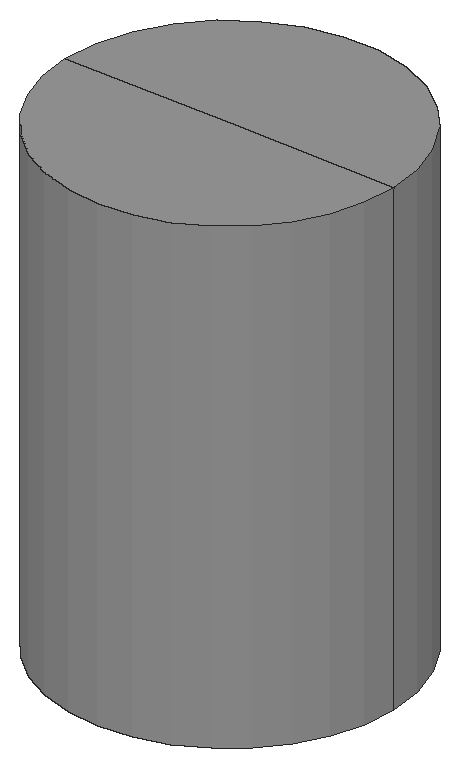
Revit family "NOK2_63_UN_Surface-mounted_ETK", category Lighting Fixtures, Revit 2019
Family settings
  Round Connector Dimension = Use Diameter
  Part Type = Normal
  OmniClass Number = 23.80.70.11.14.11
  OmniClass Title = Downlights
  Work Plane-Based = No
  Always vertical = Yes
  Cut with Voids When Loaded = Yes
  Light Source = Yes
  Shared = No
  Room Calculation Point = Yes
Parameters (values of type "NOK.2 LED 38W 4000K 30 5300Lm CRI>80 zwart DALI 130x185")
  Wattage Comments = "38"
  Wattage = 3.36605 W
  built-in parameter 1150110 = 1 (stored number, unit not read)
  Voltage = 230 V
  URL = "https://www.ivlibrary.com/"
  Type Comments = "NOK.2 Delta"
  built-in parameter 1114217 = 1 (stored number, unit not read)
  Tilt Angle = 90.00°
  built-in parameter 1150109 = 1 (stored number, unit not read)
  built-in parameter 1150134 = 3
  built-in parameter 1150113 = 1 (stored number, unit not read)
  Luminous Flux (lm) = 4247.43 lm
  ISBN Code = "-"
  IP Value = "IP20"
  IK Value = "-"
  GTIN Code = "-"
  ETIM Code = "-"
  Calc_Radius = D1 / 2  # 65 mm
  Photometric Web File = "NOK.2403.31_LDT.ies"
  Symbol_ToScale [instance] = no
  Symbol_RealSize [instance] = not(Symbol_ToScale)  # yes
  Switch Code [instance] = ""
  built-in parameter 1150142 = "IESNA91\r\n[MANUFAC]  www.etk.nl\r\n[LUMCAT] NOK.2403.31\r\n[LUMINAIRE] NOK.2 LED 38W 4000K 305300Lm CRI>80 zwart DALI ý130x185\r\n[LAMP] LED\r\n[_CHANGED] file converted from LDT by IES Viewer 3.6 (C) Andrey Legotin\r\nTILT=NONE\r\n1 4247.43 4.24743 19 1 1 2 0 -0.1 0.001\r\n1 1 38\r\n0 5 10 15 20 25 30 35 40 45 50 55 60 65 70 75 80 85 90 \r\n0 \r\n2600.71357 2428.6732 1971.57596 1362.05561 792.86541 427.7008 338.27426 \r\n294.82781 62.53141 13.30656 8.20679 4.57043 3.46021 2.77502 2.68255 1.95875 \r\n1.93506 0.83179 0.59519 \r"
  Model = "NOK.2"
  Manufacturer = "ETK B.V."
  built-in parameter 1150105 = 39.789 (stored number, unit not read)
  Lumens = 4247.43 lm
  built-in parameter 1150115 = 1 (stored number, unit not read)
  Luminaire Code [instance] = ""
  built-in parameter 1150137 = (empty or 0)
  built-in parameter 1150139 = (empty or 0)
  L1 = 185 mm
  built-in parameter 1150112 = 1 (stored number, unit not read)
  built-in parameter 1150114 = 1 (stored number, unit not read)
  Lamp = "LED"
  built-in parameter 1150132 = 2
  built-in parameter 1150102 = (empty or 0)
  built-in parameter 1150107 = 3200 (stored number, unit not read)
  built-in parameter 1150138 = (empty or 0)
  built-in parameter 1150106 = 0.39789 (stored number, unit not read)
  IfcExportType = "USERDEFINED"
  IfcExportAs = "IfcLightFixtureType"
  Housing_Material = Select RGB Value for different appearance
  built-in parameter 1150104 = 13.8 (stored number, unit not read)
  Dimming Lamp Color Temperature Shift = <None>
  D1 = 130 mm
  Description = ""
  Content Creator® = "www.ivlibrary.com"
  Color Filter = 16777215
  Calc_Symbol_Diameter = D1 / 100  # 1.3 mm
  Calc_LightSource = L1 - 5 mm  # 180 mm
  built-in parameter 1114218 = 1 (stored number, unit not read)
  built-in parameter 1150133 = 10 (stored number, unit not read)
  Assembly Code = "63.0"
  Apparent Load = 38 VA
Types (17, lengths in mm): name | Wattage Comments | Luminous Flux (lm) | Photometric Web File | built-in parameter 1150142 | Lumens | Apparent Load
  NOK.2 LED 38W 4000K 30 5300Lm CRI>80 zwart DALI 130x185 | "38" | 4247.43 lm | "NOK.2403.31_LDT.ies" | "IESNA91\r\n[MANUFAC]  www.etk.nl\r\n[LUMCAT] NOK.2403.31\r\n[LUMINAIRE] NOK.2 LED 38W 4000K 305300Lm CRI>80 zwart DALI ý130x185\r\n[LAMP] LED\r\n[_CHANGED] file converted from LDT by IES Viewer 3.6 (C) Andrey Legotin\r\nTILT=NONE\r\n1 4247.43 4.24743 19 1 1 2 0 -0.1 0.001\r\n1 1 38\r\n0 5 10 15 20 25 30 35 40 45 50 55 60 65 70 75 80 85 90 \r\n0 \r\n2600.71357 2428.6732 1971.57596 1362.05561 792.86541 427.7008 338.27426 \r\n294.82781 62.53141 13.30656 8.20679 4.57043 3.46021 2.77502 2.68255 1.95875 \r\n1.93506 0.83179 0.59519 \r" | 4247.43 lm | 38 VA
  NOK.2 LED 38W 4000K 30 5300Lm CRI>80 wit DALI 130x185 | "38" | 4247.43 lm | "NOK.2403.15_LDT.ies" | "IESNA91\r\n[MANUFAC]  www.etk.nl\r\n[LUMCAT] NOK.2403.15\r\n[LUMINAIRE] NOK.2 LED 38W 4000K 305300Lm CRI>80 wit DALI ý130x185\r\n[LAMP] LED\r\n[_CHANGED] file converted from LDT by IES Viewer 3.6 (C) Andrey Legotin\r\nTILT=NONE\r\n1 4247.43 4.24743 19 1 1 2 0 -0.1 0.001\r\n1 1 38\r\n0 5 10 15 20 25 30 35 40 45 50 55 60 65 70 75 80 85 90 \r\n0 \r\n2600.71357 2428.6732 1971.57596 1362.05561 792.86541 427.7008 338.27426 \r\n294.82781 62.53141 13.30656 8.20679 4.57043 3.46021 2.77502 2.68255 1.95875 \r\n1.93506 0.83179 0.59519 \r" | 4247.43 lm | 38 VA
  NOK.2 LED 38W 4000K 30 5300Lm CRI>80 zwart 130x185 | "38" | 4247.43 lm | "NOK.2400.31_LDT.ies" | "IESNA91\r\n[MANUFAC]  www.etk.nl\r\n[LUMCAT] NOK.2400.31\r\n[LUMINAIRE] NOK.2 LED 38W 4000K 305300Lm CRI>80 zwart 30x185\r\n[LAMP] LED\r\n[_CHANGED] file converted from LDT by IES Viewer 3.6 (C) Andrey Legotin\r\nTILT=NONE\r\n1 4247.43 4.24743 19 1 1 2 0 -0.1 0.001\r\n1 1 38\r\n0 5 10 15 20 25 30 35 40 45 50 55 60 65 70 75 80 85 90 \r\n0 \r\n2600.71357 2428.6732 1971.57596 1362.05561 792.86541 427.7008 338.27426 \r\n294.82781 62.53141 13.30656 8.20679 4.57043 3.46021 2.77502 2.68255 1.95875 \r\n1.93506 0.83179 0.59519 \r\n" | 4247.43 lm | 38 VA
  NOK.2 LED 38W 3000K 30 5165Lm CRI>80 zwart DALI 130x185 | "38" | 4099.29 lm | "NOK.2303.31_LDT.ies" | "IESNA91\r\n[MANUFAC]  www.etk.nl\r\n[LUMCAT] NOK.2303.31\r\n[LUMINAIRE] NOK.2 LED 38W 3000K 305165Lm CRI>80 zwart DALI ý130x185\r\n[LAMP] LED\r\n[_CHANGED] file converted from LDT by IES Viewer 3.6 (C) Andrey Legotin\r\nTILT=NONE\r\n1 4099.29 4.09929 19 1 1 2 0 -0.1 0.001\r\n1 1 38\r\n0 5 10 15 20 25 30 35 40 45 50 55 60 65 70 75 80 85 90 \r\n0 \r\n2600.71357 2428.6732 1971.57596 1362.05561 792.86541 427.7008 338.27426 \r\n294.82781 62.53141 13.30656 8.20679 4.57043 3.46021 2.77502 2.68255 1.95875 \r\n1.93506 0.83179 0.59519 \r" | 4099.29 lm | 38 VA
  NOK.2 LED 38W 4000K 30 5300Lm CRI>80 wit 130x185 | "38" | 4247.43 lm | "NOK.2400.15_LDT.ies" | "IESNA91\r\n[MANUFAC]  www.etk.nl\r\n[LUMCAT] NOK.2400.15\r\n[LUMINAIRE] NOK.2 LED 38W 4000K 305300Lm CRI>80 wit 30x185\r\n[LAMP] LED\r\n[_CHANGED] file converted from LDT by IES Viewer 3.6 (C) Andrey Legotin\r\nTILT=NONE\r\n1 4247.43 4.24743 19 1 1 2 0 -0.1 0.001\r\n1 1 38\r\n0 5 10 15 20 25 30 35 40 45 50 55 60 65 70 75 80 85 90 \r\n0 \r\n2600.71357 2428.6732 1971.57596 1362.05561 792.86541 427.7008 338.27426 \r\n294.82781 62.53141 13.30656 8.20679 4.57043 3.46021 2.77502 2.68255 1.95875 \r\n1.93506 0.83179 0.59519 \r\n" | 4247.43 lm | 38 VA
  NOK.2 in NOOD LED 38W 3000K 30 450Lm CRI>80 wit DALI 130x185 | "38" | 350 lm | "NOK.2303.15NV_LDT.ies" | "IESNA91\r\n[MANUFAC]  www.etk.nl\r\n[LUMCAT] NOK.2303.15NV\r\n[LUMINAIRE] NOK.2 in NOOD LED 38W 3000K 30450Lm CRI>80 wit DALI 30x185\r\n[LAMP] LED\r\n[_CHANGED] file converted from LDT by IES Viewer 3.6 (C) Andrey Legotin\r\nTILT=NONE\r\n1 350 0.35 19 1 1 2 0 -0.1 0.001\r\n1 1 38\r\n0 5 10 15 20 25 30 35 40 45 50 55 60 65 70 75 80 85 90 \r\n0 \r\n2600.71357 2428.6732 1971.57596 1362.05561 792.86541 427.7008 338.27426 \r\n294.82781 62.53141 13.30656 8.20679 4.57043 3.46021 2.77502 2.68255 1.95875 \r\n1.93506 0.83179 0.59519 \r" | 350 lm | 38 VA
  NOK.2 LED 38W 3000K 30 5165Lm CRI>80 wit DALI 130x185 | "38" | 4099.29 lm | "NOK.2303.15_LDT.ies" | "IESNA91\r\n[MANUFAC]  www.etk.nl\r\n[LUMCAT] NOK.2303.15\r\n[LUMINAIRE] NOK.2 LED 38W 3000K 305165Lm CRI>80 wit DALI ý130x185\r\n[LAMP] LED\r\n[_CHANGED] file converted from LDT by IES Viewer 3.6 (C) Andrey Legotin\r\nTILT=NONE\r\n1 4099.29 4.09929 19 1 1 2 0 -0.1 0.001\r\n1 1 38\r\n0 5 10 15 20 25 30 35 40 45 50 55 60 65 70 75 80 85 90 \r\n0 \r\n2600.71357 2428.6732 1971.57596 1362.05561 792.86541 427.7008 338.27426 \r\n294.82781 62.53141 13.30656 8.20679 4.57043 3.46021 2.77502 2.68255 1.95875 \r\n1.93506 0.83179 0.59519 \r" | 4099.29 lm | 38 VA
  NOK.2 LED 38W 3000K 30 5165Lm CRI>80 zwart 130x185 | "38" | 4099.29 lm | "NOK.2300.31_LDT.ies" | "IESNA91\r\n[MANUFAC]  www.etk.nl\r\n[LUMCAT] NOK.2300.31\r\n[LUMINAIRE] NOK.2 LED 38W 3000K 305165Lm CRI>80 zwart 30x185\r\n[LAMP] LED\r\n[_CHANGED] file converted from LDT by IES Viewer 3.6 (C) Andrey Legotin\r\nTILT=NONE\r\n1 4099.29 4.09929 19 1 1 2 0 -0.1 0.001\r\n1 1 38\r\n0 5 10 15 20 25 30 35 40 45 50 55 60 65 70 75 80 85 90 \r\n0 \r\n2600.71357 2428.6732 1971.57596 1362.05561 792.86541 427.7008 338.27426 \r\n294.82781 62.53141 13.30656 8.20679 4.57043 3.46021 2.77502 2.68255 1.95875 \r\n1.93506 0.83179 0.59519 \r\n" | 4099.29 lm | 38 VA
  NOK.2 LED 38W 3000K 30 5165Lm CRI>80 wit 130x185 | "38" | 4099.29 lm | "NOK.2300.15_LDT.ies" | "IESNA91\r\n[MANUFAC]  www.etk.nl\r\n[LUMCAT] NOK.2300.15\r\n[LUMINAIRE] NOK.2 LED 38W 3000K 305165Lm CRI>80 wit 30x185\r\n[LAMP] LED\r\n[_CHANGED] file converted from LDT by IES Viewer 3.6 (C) Andrey Legotin\r\nTILT=NONE\r\n1 4099.29 4.09929 19 1 1 2 0 -0.1 0.001\r\n1 1 38\r\n0 5 10 15 20 25 30 35 40 45 50 55 60 65 70 75 80 85 90 \r\n0 \r\n2600.71357 2428.6732 1971.57596 1362.05561 792.86541 427.7008 338.27426 \r\n294.82781 62.53141 13.30656 8.20679 4.57043 3.46021 2.77502 2.68255 1.95875 \r\n1.93506 0.83179 0.59519 \r\n" | 4099.29 lm | 38 VA
  NOK.2 LED 32W 4000K 30 4620Lm CRI>80 zwart DALI 130x185 | "32" | 3717.61 lm | "NOK.2203.31_LDT.ies" | "IESNA91\r\n[MANUFAC]  www.etk.nl\r\n[LUMCAT] NOK.2203.31\r\n[LUMINAIRE] NOK.2 LED 32W 4000K 304620Lm CRI>80 zwart DALI ý130x185\r\n[LAMP] LED\r\n[_CHANGED] file converted from LDT by IES Viewer 3.6 (C) Andrey Legotin\r\nTILT=NONE\r\n1 3717.61 3.71761 19 1 1 2 0 -0.1 0.001\r\n1 1 32\r\n0 5 10 15 20 25 30 35 40 45 50 55 60 65 70 75 80 85 90 \r\n0 \r\n2494.01127 2319.18758 1914.86198 1332.69583 841.83999 449.68098 328.51515 \r\n295.45475 77.1895 11.5207 8.13283 4.5534 3.33522 2.62728 2.59891 1.85891 \r\n1.96071 0.8768 0.71057 \r" | 3717.61 lm | 32 VA
  NOK.2 LED 32W 4000K 30 4620Lm CRI>80 wit DALI 130x185 | "32" | 3717.61 lm | "NOK.2203.15_LDT.ies" | "IESNA91\r\n[MANUFAC]  www.etk.nl\r\n[LUMCAT] NOK.2203.15\r\n[LUMINAIRE] NOK.2 LED 32W 4000K 304620Lm CRI>80 wit DALI ý130x185\r\n[LAMP] LED\r\n[_CHANGED] file converted from LDT by IES Viewer 3.6 (C) Andrey Legotin\r\nTILT=NONE\r\n1 3717.61 3.71761 19 1 1 2 0 -0.1 0.001\r\n1 1 32\r\n0 5 10 15 20 25 30 35 40 45 50 55 60 65 70 75 80 85 90 \r\n0 \r\n2494.01127 2319.18758 1914.86198 1332.69583 841.83999 449.68098 328.51515 \r\n295.45475 77.1895 11.5207 8.13283 4.5534 3.33522 2.62728 2.59891 1.85891 \r\n1.96071 0.8768 0.71057 \r" | 3717.61 lm | 32 VA
  NOK.2 LED 32W 4000K 30 4620Lm CRI>80 zwart 130x185 | "32" | 3717.61 lm | "NOK.2200.31_LDT.ies" | "IESNA91\r\n[MANUFAC]  www.etk.nl\r\n[LUMCAT] NOK.2200.31\r\n[LUMINAIRE] NOK.2 LED 32W 4000K 304620Lm CRI>80 zwart 30x185\r\n[LAMP] LED\r\n[_CHANGED] file converted from LDT by IES Viewer 3.6 (C) Andrey Legotin\r\nTILT=NONE\r\n1 3717.61 3.71761 19 1 1 2 0 -0.1 0.001\r\n1 1 32\r\n0 5 10 15 20 25 30 35 40 45 50 55 60 65 70 75 80 85 90 \r\n0 \r\n2494.01127 2319.18758 1914.86198 1332.69583 841.83999 449.68098 328.51515 \r\n295.45475 77.1895 11.5207 8.13283 4.5534 3.33522 2.62728 2.59891 1.85891 \r\n1.96071 0.8768 0.71057 \r\n" | 3717.61 lm | 32 VA
  NOK.2 LED 32W 4000K 30 4620Lm CRI>80 wit 130x185 | "32" | 3717.61 lm | "NOK.2200.15_LDT.ies" | "IESNA91\r\n[MANUFAC]  www.etk.nl\r\n[LUMCAT] NOK.2200.15\r\n[LUMINAIRE] NOK.2 LED 32W 4000K 304620Lm CRI>80 wit 30x185\r\n[LAMP] LED\r\n[_CHANGED] file converted from LDT by IES Viewer 3.6 (C) Andrey Legotin\r\nTILT=NONE\r\n1 3717.61 3.71761 19 1 1 2 0 -0.1 0.001\r\n1 1 32\r\n0 5 10 15 20 25 30 35 40 45 50 55 60 65 70 75 80 85 90 \r\n0 \r\n2494.01127 2319.18758 1914.86198 1332.69583 841.83999 449.68098 328.51515 \r\n295.45475 77.1895 11.5207 8.13283 4.5534 3.33522 2.62728 2.59891 1.85891 \r\n1.96071 0.8768 0.71057 \r\n" | 3717.61 lm | 32 VA
  NOK.2 LED 32W 3000K 30 4500Lm CRI>80 zwart DALI  130x185 | "32" | 3605.07 lm | "NOK.2103.31_LDT.ies" | "IESNA91\r\n[MANUFAC]  www.etk.nl\r\n[LUMCAT] NOK.2103.31\r\n[LUMINAIRE] NOK.2 LED 32W 3000K 304500Lm CRI>80 zwart DALI  30x185\r\n[LAMP] LED\r\n[_CHANGED] file converted from LDT by IES Viewer 3.6 (C) Andrey Legotin\r\nTILT=NONE\r\n1 3605.07 3.60507 19 1 1 2 0 -0.1 0.001\r\n1 1 32\r\n0 5 10 15 20 25 30 35 40 45 50 55 60 65 70 75 80 85 90 \r\n0 \r\n2494.01127 2319.18758 1914.86198 1332.69583 841.83999 449.68098 328.51515 \r\n295.45475 77.1895 11.5207 8.13283 4.5534 3.33522 2.62728 2.59891 1.85891 \r\n1.96071 0.8768 0.71057 \r\n" | 3605.07 lm | 32 VA
  NOK.2 LED 32W 3000K 30 4500Lm CRI>80 wit DALI  130x185 | "32" | 3605.07 lm | "NOK.2103.15_LDT.ies" | "IESNA91\r\n[MANUFAC]  www.etk.nl\r\n[LUMCAT] NOK.2103.15\r\n[LUMINAIRE] NOK.2 LED 32W 3000K 304500Lm CRI>80 wit DALI  30x185\r\n[LAMP] LED\r\n[_CHANGED] file converted from LDT by IES Viewer 3.6 (C) Andrey Legotin\r\nTILT=NONE\r\n1 3605.07 3.60507 19 1 1 2 0 -0.1 0.001\r\n1 1 32\r\n0 5 10 15 20 25 30 35 40 45 50 55 60 65 70 75 80 85 90 \r\n0 \r\n2494.01127 2319.18758 1914.86198 1332.69583 841.83999 449.68098 328.51515 \r\n295.45475 77.1895 11.5207 8.13283 4.5534 3.33522 2.62728 2.59891 1.85891 \r\n1.96071 0.8768 0.71057 \r\n" | 3605.07 lm | 32 VA
  NOK.2 LED 32W 3000K 30 4500Lm CRI>80 zwart 130x185 | "32" | 3605.07 lm | "NOK.2100.31.ies" | "IESNA91\r\n[MANUFAC]  www.etk.nl\r\n[LUMCAT] NOK.2100.31\r\n[LUMINAIRE] NOK.2 LED 32W 3000K 304500Lm CRI>80 zwart 30x185\r\n[LAMP] LED\r\n[_CHANGED] file converted from LDT by IES Viewer 3.6 (C) Andrey Legotin\r\nTILT=NONE\r\n1 3605.07 3.60507 19 1 1 2 0 -0.1 0.001\r\n1 1 32\r\n0 5 10 15 20 25 30 35 40 45 50 55 60 65 70 75 80 85 90 \r\n0 \r\n2494.01127 2319.18758 1914.86198 1332.69583 841.83999 449.68098 328.51515 \r\n295.45475 77.1895 11.5207 8.13283 4.5534 3.33522 2.62728 2.59891 1.85891 \r\n1.96071 0.8768 0.71057 \r\n" | 3605.07 lm | 32 VA
  NOK.2 LED 32W 3000K 30 4500Lm CRI>80 wit 130x185 | "32" | 3605.07 lm | "NOK.2100.15.ies" | "IESNA91\r\n[MANUFAC]  www.etk.nl\r\n[LUMCAT] NOK.2100.15\r\n[LUMINAIRE] NOK.2 LED 32W 3000K 304500Lm CRI>80 wit 30x185\r\n[LAMP] LED\r\n[_CHANGED] file converted from LDT by IES Viewer 3.6 (C) Andrey Legotin\r\nTILT=NONE\r\n1 3605.07 3.60507 19 1 1 2 0 -0.1 0.001\r\n1 1 32\r\n0 5 10 15 20 25 30 35 40 45 50 55 60 65 70 75 80 85 90 \r\n0 \r\n2494.01127 2319.18758 1914.86198 1332.69583 841.83999 449.68098 328.51515 \r\n295.45475 77.1895 11.5207 8.13283 4.5534 3.33522 2.62728 2.59891 1.85891 \r\n1.96071 0.8768 0.71057 \r\n" | 3605.07 lm | 32 VA
Reference planes
  plane 1 "Center (Front/Back)": y = 0
  plane 2: z = 0
  plane 3 "Center (Left/Right)": x = 0
Forms (mm)
  Revolve 1, solid, material "Select RGB Value for different appearance" <- "Housing_Material"
    sketch origin (0, 0, -10) x (1, 0, 0) y (0, 0, 1)
      loop
        line (0, 10) -> (-65, 10) -> (-65, -175) -> (-63, -175)
        arc (-63, -175) -> (-37.985, -144.149) -> (0, -132.544) r 67.971
        line (0, -132.544) -> (0, 10)
      axis (0, 10) -> (0, -175)
    angle from 0 to 360
  Revolve 2, solid, material "Copper"
    sketch origin (0, 0, 0) x (1, 0, 0) y (0, 0, 1)
      loop
        line (0, -144.8) -> (0, -142.654)
        arc (0, -142.654) -> (-8.493, -143.212) -> (-16.856, -144.8) r 69.78
        line (-16.856, -144.8) -> (0, -144.8)
      axis (0, -144.8) -> (0, -142.654)
    angle from 0 to 360
Lines and regions (mm)
  symbolic lines, visible <- "Symbol_RealSize"
    curve 1: circle (0, 0, 0) r 65 normal (0, 0, 1)
Dimensions and locks
  "Calc_Radius": plane 3 "Center (Left/Right)" to Revolve 1 sketch curve
  "L1": level to Revolve 1 sketch curve
  "Calc_LightSource": level to imposter light
  "D1": diameter of curve 1
  aligned and locked: level to plane 2
  aligned and locked: Revolve 1 to level
Automatic sketch dimensions
  plane 1 "Center (Front/Back)" to curve 1 = 0 mm
  curve 1 to plane 3 "Center (Left/Right)" = 0 mm
  Revolve 1 sketch curve to plane 3 "Center (Left/Right)" = 0 mm  (x2)
  Revolve 1 sketch curve to level = 0 mm
  Revolve 1 sketch curve to Revolve 1 sketch curve = 2 mm
  Revolve 1 sketch curve to Revolve 1 sketch curve = 25.515 mm
  Revolve 1 sketch curve to Revolve 1 sketch curve = 171.425 mm
  level to Revolve 1 sketch curve = 2204.315 mm
  Revolve 2 sketch curve to plane 3 "Center (Left/Right)" = 0 mm
  plane 3 "Center (Left/Right)" to Revolve 2 sketch curve = 0 mm
  plane 3 "Center (Left/Right)" to Revolve 2 sketch curve = 0.318 mm
  Revolve 2 sketch curve to level = 212.433 mm
  Revolve 2 sketch curve to Revolve 2 sketch curve = 67.633 mm
  Revolve 2 sketch curve to plane 3 "Center (Left/Right)" = 16.856 mm
  Revolve 2 sketch curve to Revolve 2 sketch curve = 272.367 mm
  level to Revolve 2 sketch curve = 124.8 mm
Nested families
  nested 1: "Parametric Spot Symbol" at (0, 0, 0), visible <- "Symbol_ToScale", Symbol_Diameter <- "Calc_Symbol_Diameter", type "Parametric Spot Symbol"
    with Symbol_Diameter 1.3 mm
Connectors
  electrical at (0, 0, 0), driven by "Apparent Load", driven by "Voltage"
    settings: index 1, voltage 230 V, apparent load 0 VA, apparent load phase1 38 VA, apparent load phase2 0 VA, apparent load phase3 0 VA, power factor 1, load classification "Other", number of poles 1, system type 31, power factor state 1, is connector primary yes, connector utility no, sub classification motor no, connector description ""
Definition of nested family "Parametric Spot Symbol"
  Parameters (values of type "Parametric Spot Symbol")
    Symbol_Diameter [instance] = 0.9 mm
  Reference planes
    plane 1: y = 0
    plane 2: x = 0
  Lines and regions (mm)
    detail lines
      curve 1: circle (0, 0, 0) r 0.45 normal (0, 0, 1)
  Dimensions and locks
    "Symbol_Diameter": diameter of curve 1
  Automatic sketch dimensions
    plane 1 to curve 1 = 0 mm
    curve 1 to plane 2 = 0 mm
